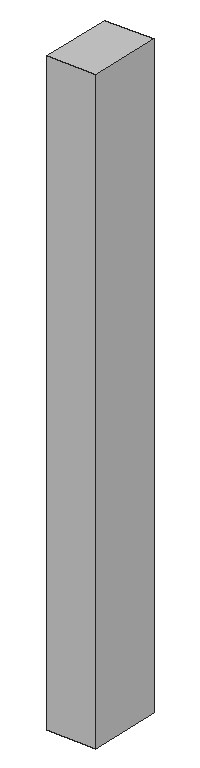
Revit family "M_Concreto-Retangular-Coluna-Modificado", category Pilares estruturais, Revit 2024
Family settings
  Exibir em vistas ocultas = Arestas ocultadas por outros membros
  Forma da seção = Não definido
  Material para o comportamento do modelo = Concreto
  Exportar sempre como geometria = Não
  Redução da viga na planta = Da caixa de vinculação
  Número OmniClass = 23.25.30.11.14.11
  Título OmniClass = Columns
  Corte com vazios quando carregada = Não
  Representação simbólica = Da família
  Compartilhado = Não
  Exibir o pré-corte da família na vista da planta = Sim
Parameters (values of type "20 x 30 cm")
  Øℓp (Diâmetro da armadura longitudinal do pilar) [instance] = 0 mm
  b = 200 mm
  h = 300 mm
  Nk (Carga no pilar) [instance] = 0.00 kN
  Structural Material [instance] = Concreto, Moldado in loco, cinza
Reference planes
  plane 1 "Centro (Frente/Trás)": y = 0
  plane 2: z = 0
  plane 3 "Centro (Esquerda/Direita)": x = 0
  plane 4: x = -100
  plane 5: x = 100
  plane 6: y = 150
  plane 7: y = -150
Forms (mm)
  Extrusion 1, solid, material "Concreto, Moldado in loco, cinza" <- "Structural Material"
    sketch origin (0, 0, 0) x (1, 0, 0) y (0, 1, 0)
      loop
        line (-100, 150) -> (-100, -150) -> (100, -150) -> (100, 150) -> (-100, 150)
    from 0 to 2500
Dimensions and locks
  equal spacing: plane 4, plane 3 "Centro (Esquerda/Direita)", plane 5
  equal spacing: plane 7, plane 1 "Centro (Frente/Trás)", plane 6
  "h": plane 7 to plane 6
  "b": plane 4 to plane 5
  aligned and locked: plane 6 to Extrusion 1 sketch curve
  aligned and locked: Extrusion 1 sketch curve to plane 7
  aligned and locked: Extrusion 1 sketch curve to plane 4
  aligned and locked: plane 5 to Extrusion 1 sketch curve
  aligned and locked: level to Extrusion 1
  aligned and locked: level to plane 2
  aligned and locked: Extrusion 1 to plane 2
